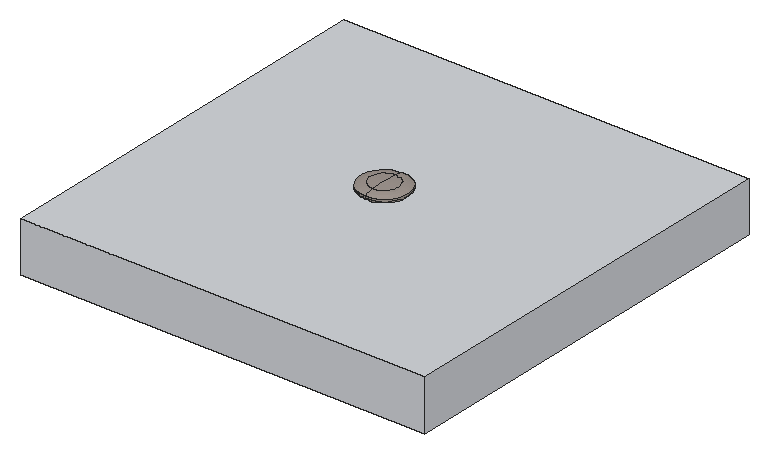
Revit family "ArandelaConcreto_ASC5W_ASC10W_PowerLume", category Luminárias, Revit 2022
Family settings
  Hospedeiro = Face
  Cota do conector redondo = Utilizar diâmetro
  Tipo de parte = Normal
  Número OmniClass = 23.80.70.14.11.17
  Título OmniClass = Wall or Ceiling Mounted External Lighting
  Corte com vazios quando carregada = Sim
  Fonte luminosa = Não
  Manter orientação da anotação = Não
  Compartilhado = Sim
  Ponto de cálculo do ambiente = Não
Parameters (values of type "ASC10W")
  Ângulo de abertura = "Difuso indireto"
  Voltagem Luminária = 0 V
  Vida útil = "60000h"
  Versão = 1  # constant formula
  URL do produto = "https://www.powerlume.com.br/produtos/arandela-redonda-concreto"
  URL = "https://www.powerlume.com.br/"
  Tipo de imagem = FOTO ASC5W ASC10W.png
  Temperatura de cor = "3000K"  # constant formula
  Potência = "10W"
  Peso = "0"
  Modelo de luminária = ArandelaConcreto_ASC10W_Base_PowerLume : ASC10W
  Modelo = "ASC10W"
  Manual de instalação = ""
  Lâmpada = "Placa LED"
  Localização = "Caxias do Sul - RS / Brasil"  # constant formula
  IfcExportAs = "IfcLightFixtureType"  # constant formula
  IRC = "85"  # constant formula
  IP = "65"  # constant formula
  Frame = Concreto, leve
  Fluxo luminoso = "1400 lm"
  Ficha técnica = ""
  Fator de Potência Luminária = 1
  Fabricante = "Power Lume"  # constant formula
  Default Elevation = 1219.2 mm
  Diâmetro do frame = 285 mm
  Difusor = PMMA injetado leitoso anti UV
  Descrição = "Arandela de sobrepor LED indireta em concreto"
  Data da atualização = "27/02/2025"  # constant formula
  Assembly Code = ""
  Contato do fabricante = "(54) 3066-6488"  # constant formula
  Comentários de voltagem = "110 ou 220Vac 50/60Hz com driver incorporado"
  Catálogo de produtos = "https://www.powerlume.com.br/downloads"
  Carga Aparente Luminária = 0 VA
  Base = Metal - Alumínio
  Altura = 95 mm
Types (2, lengths in mm): name | Potência | Modelo de luminária | Modelo | Fluxo luminoso | Diâmetro do frame | Altura
  ASC5W | "5W" | ArandelaConcreto_ASC5W_Base_PowerLume : ASC5W | "ASC5W" | "800 lm" | 200 | 70
  ASC10W | "10W" | ArandelaConcreto_ASC10W_Base_PowerLume : ASC10W | "ASC10W" | "1400 lm" | 285 | 95
Reference planes
  plane 1 "Centro (Frente/Trás)": y = 0
  plane 2: z = 0
  plane 3 "Centro (Esquerda/Direita)": x = 0
  plane 4: y = 0
Forms (mm)
  Extrusion 1, solid
    sketch origin (0, 0, 0) x (1, 0, 0) y (0, 1, 0)
      loop
        line (-1219.2, 1219.2) -> (-1219.2, -1219.2) -> (1219.2, -1219.2) -> (1219.2, 1219.2) -> (-1219.2, 1219.2)
    from 0 to -304.8
Dimensions and locks
  aligned and locked: plane 2 to Extrusion 1
  aligned and locked: level to Extrusion 1
Nested families
  nested 1: "ArandelaConcreto_ASC10W_Base_PowerLume" at (0, 0, 0), type <- "Modelo de luminária", type "ASC10W"
Connectors
  electrical at (0, 0, 0), driven by "Fator de Potência Luminária", driven by "Carga Aparente Luminária", driven by "Voltagem Luminária"
    settings: index 1, voltage 0 V, apparent load 0 VA, apparent load phase1 0 VA, apparent load phase2 0 VA, apparent load phase3 0 VA, power factor 1, load classification "Outro", number of poles 1, system type 31, power factor state 1, is connector primary yes, connector utility no, sub classification motor no, connector description ""
Definition of nested family "ArandelaConcreto_ASC10W_Base_PowerLume"
  Parameters (values of type "ASC10W")
    Ângulo de abertura = "Difuso indireto"
    Voltagem Luminária = 0 V
    Vida útil = "60000h"
    Versão = 1  # constant formula
    URL do produto = "https://www.powerlume.com.br/produtos/arandela-redonda-concreto"
    URL = "https://www.powerlume.com.br/"
    Type Image = element 343917
    Temperatura de cor = "3000K"
    Potência = "10W"  # constant formula
    Peso = "0"
    Model = "ASC10W"  # constant formula
    Manual de instalação = ""
    Lamp = "Placa LED"
    Localização = "Caxias do Sul - RS / Brasil"  # constant formula
    IfcExportAs = "IfcLightFixtureType"  # constant formula
    IRC = "85"  # constant formula
    IP = "65"  # constant formula
    Frame = none
    Fluxo luminoso = "1400lm"
    Ficha técnica = ""
    Fator de Potência Luminária = 1
    Manufacturer = "Power Lume"  # constant formula
    Default Elevation = 1219.2 mm
    Diâmetro = 285 mm  # constant formula
    Difusor = none
    Description = "Arandela de sobrepor LED indireta em concreto"
    Data da atualização = "26/02/2025"  # constant formula
    Assembly Code = ""
    Contato do fabricante = "(54) 3066-6488"  # constant formula
    Wattage Comments = "110 ou 220Vac 50/60Hz com driver incorporado"
    Catálogo de produtos = "https://www.powerlume.com.br/downloads"
    Carga Aparente Luminária = 0 VA
    Base = none
    Altura = 95 mm  # constant formula
  Reference planes
    plane 1 "Centro (Frente/Trás)": y = 0
    plane 2: z = 0
    plane 3 "Centro (Esquerda/Direita)": x = 0
    plane 4: y = 0
  Forms (mm)
    Extrusion 1, solid
      sketch origin (0, 0, 0) x (1, 0, 0) y (0, 1, 0)
        loop
          line (-1219.2, 1219.2) -> (-1219.2, -1219.2) -> (1219.2, -1219.2) -> (1219.2, 1219.2) -> (-1219.2, 1219.2)
      from 0 to -304.8
    Revolve 2, solid, material <- "Base"
      sketch origin (0, 0, 0) x (0, 1, 0) y (0, 0, 1)
        loop
          line (0, 0) -> (34.049, 0)
          arc (34.049, 0) -> (35.454, 0.563) -> (36.082, 1.94) r 2.036
          arc (36.082, 1.94) -> (43.811, 30.338) -> (62.836, 52.793) r 67.857
          line (62.836, 52.793) -> (0, 52.793) -> (0, 0)
        axis (0, 0) -> (0, 52.793)
      angle from 0 to 360
    Revolve 3, solid, material <- "Frame"
      sketch origin (0, 0, 15) x (0, 1, 0) y (0, 0, 1)
        loop
          line (0, 46.886) -> (142, 46.886)
          arc (142, 46.886) -> (142.354, 47.032) -> (142.5, 47.386) r 0.5
          line (142.5, 47.386) -> (142.5, 60.464)
          arc (142.5, 60.464) -> (114.748, 71.321) -> (85.174, 74.981) r 119.618
          arc (85.174, 74.981) -> (42.661, 78.744) -> (0, 80) r 725.286
          line (0, 80) -> (0, 46.886)
        axis (0, 46.886) -> (0, 80)
      angle from 0 to 360
    Revolve 4, solid, material <- "Difusor"
      sketch origin (0, 0, 0) x (0, 1, 0) y (0, 0, 1)
        loop
          arc (100.179, 61.886) -> (81.213, 57.422) -> (61.836, 55.377) r 154.79
          line (61.836, 55.377) -> (61.836, 52.793) -> (62.836, 52.793) -> (62.836, 54.421)
          arc (62.836, 54.421) -> (83.425, 56.798) -> (103.516, 61.886) r 155.79
          line (103.516, 61.886) -> (100.179, 61.886)
        axis (0, 52.793) -> (0, 61.886)
      angle from 0 to 360
  Dimensions and locks
    aligned and locked: plane 2 to Extrusion 1
    aligned and locked: level to Extrusion 1
  Nested families
    nested 1: "ArandelaConcreto_ASC10W_FonteLuminosa_PowerLume" at (0.037, 0.471, 61.886) x (-1, 0, 0) z (0, 0, 1), type "3000K"
  Definition of nested family "ArandelaConcreto_ASC10W_FonteLuminosa_PowerLume"
    Parameters (values of type "3000K")
      Tilt Angle = 90.00°  # constant formula
      Wattage = 32.98 W
      Dimming Lamp Color Temperature Shift = (empty or 0)
      built-in parameter 1150107 = 3000 (stored number, unit not read)
      built-in parameter 1150110 = 1 (stored number, unit not read)
      built-in parameter 1150109 = 1 (stored number, unit not read)
      built-in parameter 1114218 = 1 (stored number, unit not read)
      built-in parameter 1150112 = 1 (stored number, unit not read)
      built-in parameter 1150113 = 1 (stored number, unit not read)
      built-in parameter 1150132 = 2
      built-in parameter 1150137 = (empty or 0)
      built-in parameter 1150106 = 5.5374 (stored number, unit not read)
      built-in parameter 1150102 = (empty or 0)
      built-in parameter 1150105 = 553.74 (stored number, unit not read)
      Color Filter = 16777215
      built-in parameter 1114217 = 1 (stored number, unit not read)
      built-in parameter 1150139 = (empty or 0)
      Default Elevation = 1219.2 mm
      built-in parameter 1150104 = 3.9437 (stored number, unit not read)
      built-in parameter 1150115 = 1 (stored number, unit not read)
      built-in parameter 1150114 = 1 (stored number, unit not read)
      Lumens = 1400 lm
      built-in parameter 1150138 = (empty or 0)
      built-in parameter 1150134 = (empty or 0)
      Photometric Web File = "ASC10W.ies"
      built-in parameter 1150133 = 10 (stored number, unit not read)
    Reference planes
      plane 1 "Centro (Frente/Trás)": y = 0
      plane 2: z = 0
      plane 3 "Centro (Esquerda/Direita)": x = 0
    Forms (mm)
      Extrusion 1, solid
        sketch origin (0, 0, 0) x (1, 0, 0) y (0, 1, 0)
          loop
            line (-1219.2, 1219.2) -> (-1219.2, -1219.2) -> (1219.2, -1219.2) -> (1219.2, 1219.2) -> (-1219.2, 1219.2)
        from 0 to -304.8
    Dimensions and locks
      aligned and locked: plane 2 to Extrusion 1
      aligned and locked: level to Extrusion 1
